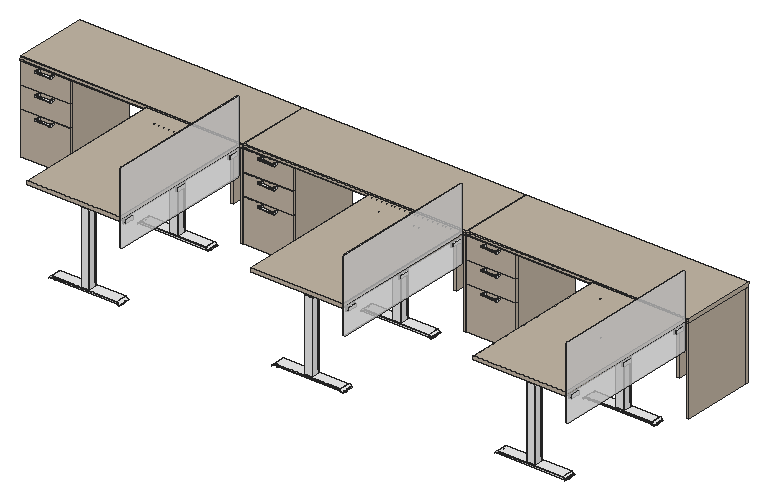
Revit family "JSI-Vision-Typical_Laminate-VST109", category Furniture, Revit 2020
Family settings
  OmniClass Number = 23.40.20.00
  OmniClass Title = General Furniture and Specialties
  Work Plane-Based = No
  Always vertical = Yes
  Cut with Voids When Loaded = No
  Shared = No
  Room Calculation Point = No
Parameters (values of type "VST109")
  URL = "www.jsifurniture.com"
  Type Comments = "Typical Laminate"  # constant formula
  Model = "VST109"
  Manufacturer = "JSI"  # constant formula
  Keynote = "12500"
  Default Elevation = 0"
  Assembly Code = "E2020200"
Reference planes (in)
  plane 1 "Center Front/Back": y = 0
  plane 2: z = 0
  plane 3 "Center Left/Right": x = 0
Dimensions and locks (in)
  aligned and locked: level to plane 2
Nested families (in)
  nested 1: "JSI-Vision-Adjustable_Table_Standard_Range" at (-0.75, -24.75, 0) x (0, -1, 0) z (0, 0, 1), type "VST3048AHTD-S - Adjustable Height Table Standard Range 48"W x 30"D x 30"H"
  nested 2: "JSI-Vision-Modular_Box_Box_File_Pedestal" at (-72, 0, 0), type "VST1624MBBF, Laminate Modular BBF Ped"
    with Ped Width 15.996", Ped Height 27.996", Ped Depth 24"
  nested 3: "JSI-Vision-Modular_Wing_End_Support" at (-16, 0, 0), type "VST1624WEAR, Wing End Sup - Right"
    with Pnl Pstn 15 1/8", L no, Depth 24"
  nested 4: "JSI-Vision-Credenza_Top" at (-72, 0, 28), type "VST2472MCT, Laminate Credenza Top, 24" x 72""
    with Height 0", Width 72", Depth 24"
  nested 5: "JSI-Vision-Adjustable_Table_Standard_Range" at (-72.8115, -24.75, 0) x (0, -1, 0) z (0, 0, 1), type "VST3048AHTD-S - Adjustable Height Table Standard Range 48"W x 30"D x 30"H"
  nested 6: "JSI-Vision-Modular_Box_Box_File_Pedestal" at (-144.0615, 0, 0), type "VST1624MBBF, Laminate Modular BBF Ped"
    with Ped Width 15.996", Ped Height 27.996", Ped Depth 24"
  nested 7: "JSI-Vision-Modular_Wing_End_Support" at (-88.0615, 0, 0), type "VST1624WEAR, Wing End Sup - Right"
    with Pnl Pstn 15 1/8", L no, Depth 24"
  nested 8: "JSI-Vision-Credenza_Top" at (-144.0615, 0, 28), type "VST2472MCT, Laminate Credenza Top, 24" x 72""
    with Height 0", Width 72", Depth 24"
  nested 9: "JSI-Vision-Adjustable_Table_Standard_Range" at (-144.93451, -24.75, 0) x (0, -1, 0) z (0, 0, 1), type "VST3048AHTD-S - Adjustable Height Table Standard Range 48"W x 30"D x 30"H"
  nested 10: "JSI-Vision-Modular_Box_Box_File_Pedestal" at (-216.18451, 0, 0), type "VST1624MBBF, Laminate Modular BBF Ped"
    with Ped Width 15.996", Ped Height 27.996", Ped Depth 24"
  nested 11: "JSI-Vision-Modular_Wing_End_Support" at (-160.18451, 0, 0), type "VST1624WEAR, Wing End Sup - Right"
    with Pnl Pstn 15 1/8", L no, Depth 24"
  nested 12: "JSI-Vision-Credenza_Top" at (-216.18451, 0, 28), type "VST2472MCT, Laminate Credenza Top, 24" x 72""
    with Height 0", Width 72", Depth 24"
  nested 13: "JSI-Vision-Lok_Frosted_Acrylic_Privacy_Screen" at (-144.93451, -24.75, -2) x (0, -1, 0) z (0, 0, 1), type "LK-PSP-4824A, Lok Frosted Acrylic Privacy Screen - 48w x 23 3/4h"
  nested 14: "JSI-Vision-Lok_Frosted_Acrylic_Privacy_Screen" at (-72.8115, -24.75, -2) x (0, -1, 0) z (0, 0, 1), type "LK-PSP-4824A, Lok Frosted Acrylic Privacy Screen - 48w x 23 3/4h"
  nested 15: "JSI-Vision-Lok_Frosted_Acrylic_Privacy_Screen" at (-0.75, -24.75, -2) x (0, -1, 0) z (0, 0, 1), type "LK-PSP-4824A, Lok Frosted Acrylic Privacy Screen - 48w x 23 3/4h"
Definition of nested family "JSI-Vision-Adjustable_Table_Standard_Range"
  Parameters (values of type "VST3048AHTD-S - Adjustable Height Table Standard Range 48"W x 30"D x 30"H")
    Width = 48"
    Upper Leg Finish = none
    URL = "www.jsifurniture.com"
    Type Comments = ""
    Top Finish = none
    Support Finish = none
    Series = "Vision Casegoods"  # constant formula
    Low Leg Finish = none
    Model = "VST3048AHTD-S"
    Material = ""
    Manufacturer = "JSI"  # constant formula
    Keynote = "12500"  # constant formula
    JSI Enviromental Website = "http://www.jsifurniture.com/jsi_sustainability_intro.php"
    Height = 29 3/16"
    Glide Finish = none
    Feet Finish = none
    Description = "Adjustable Height Table Desk Standard Range Laminate - 30”H x 30”D x 48”W"
    Depth = 30"
    Default Elevation = 0"
    Assembly Code = "E2020200"
    Adj Post Finish = none
  Types (6): name | Width | Model | Description
    VST3072AHTD-S - Adjustable Height Table Standard Range 72"W x 30"D x 30"H | 72" | "VST3072AHTD-S" | "Adjustable Height Table Desk Standard Range Laminate - 30”H x 30”D x 72”W"
    VSV3072AHTD-S - Adjustable Height Table Standard Range 72"W x 30"D x 30"H | 72" | "VSV3072AHTD-S" | "Adjustable Height Table Desk Standard Range Veneer - 30”H x 30”D x 72”W"
    VST3060AHTD-S - Adjustable Height Table Standard Range 60"W x 30"D x 30"H | 60" | "VST3060AHTD-S" | "Adjustable Height Table Desk Standard Range Laminate - 30”H x 30”D x 60”W"
    VSV3060AHTD-S - Adjustable Height Table Standard Range 60"W x 30"D x 30"H | 60" | "VSV3060AHTD-S" | "Adjustable Height Table Desk Standard Range Veneer - 30”H x 30”D x 60”W"
    VST3048AHTD-S - Adjustable Height Table Standard Range 48"W x 30"D x 30"H | 48" | "VST3048AHTD-S" | "Adjustable Height Table Desk Standard Range Laminate - 30”H x 30”D x 48”W"
    VSV3048AHTD-S - Adjustable Height Table Standard Range 48"W x 30"D x 30"H | 48" | "VSV3048AHTD-S" | "Adjustable Height Table Desk Standard Range Veneer - 30”H x 30”D x 48”W"
  Reference planes (in)
    plane 1 "Center Front/Back": y = 0
    plane 2: z = 0
    plane 3 "Center Left/Right": x = 0
    plane 4: z = 29.1875
    plane 5: z = 28
    plane 6: x = 48
    plane 7: y = -30
    plane 8: y = -15
  Forms (in)
    Extrusion 1, solid, material <- "Top Finish"
      sketch origin (0, 0, 0) x (0, 1, 0) y (0, 0, 1)
        loop
          arc (-29.88189, 29.1875) -> (-29.96256, 29.15006) -> (-30, 29.06939) r 0.12937
          line (-30, 29.06939) -> (-30, 28.11811)
          arc (-30, 28.11811) -> (-29.96256, 28.03744) -> (-29.88189, 28) r 0.12937
          line (-29.88189, 28) -> (-29.72106, 28) -> (-0.27894, 28) -> (-0.11811, 28)
          arc (-0.11811, 28) -> (-0.03744, 28.03744) -> (0, 28.11811) r 0.12937
          line (0, 28.11811) -> (0, 29.06939)
          arc (0, 29.06939) -> (-0.03744, 29.15006) -> (-0.11811, 29.1875) r 0.12937
          line (-0.11811, 29.1875) -> (-29.88189, 29.1875)
      from 0 to 48
  Lines and regions (in)
    symbolic lines
      curve 1: line (0, 0, 0) -> (48, 0, 0)
      curve 2: line (0, -30, 0) -> (0, 0, 0)
      curve 3: line (48, -30, 0) -> (0, -30, 0)
      curve 4: line (48, 0, 0) -> (48, -30, 0)
  Dimensions and locks (in)
    "Height": plane 4 to level
    locked: plane 4 to plane 5 at 1.1875
    "Width": plane 3 "Center Left/Right" to plane 6
    "Depth": plane 1 "Center Front/Back" to plane 7
    equal spacing: plane 1 "Center Front/Back", plane 8, plane 7
    aligned and locked: level to plane 2
    aligned and locked: plane 3 "Center Left/Right" to nested 1
    aligned and locked: nested 1 to plane 8
    aligned and locked: plane 4 to Extrusion 1 sketch curve
    aligned and locked: Extrusion 1 sketch curve to plane 5
    aligned and locked: Extrusion 1 sketch curve to plane 1 "Center Front/Back"
    aligned and locked: Extrusion 1 sketch curve to plane 7
    aligned and locked: Extrusion 1 to plane 3 "Center Left/Right"
    aligned and locked: Extrusion 1 to plane 6
    aligned and locked: plane 7 to curve 3
    aligned and locked: plane 1 "Center Front/Back" to curve 1
    aligned and locked: plane 3 "Center Left/Right" to curve 2
    aligned and locked: plane 6 to curve 4
  Automatic sketch dimensions
    plane 7 to Extrusion 1 sketch curve = 0.11811"  (x2)
    Extrusion 1 sketch curve to plane 5 = 0"  (x2)
    plane 7 to Extrusion 1 sketch curve = 33/256"  (x2)
    Extrusion 1 sketch curve to Extrusion 1 sketch curve = 0.16082"
    plane 1 "Center Front/Back" to Extrusion 1 sketch curve = 0.27894"
    plane 1 "Center Front/Back" to Extrusion 1 sketch curve = 33/256"  (x2)
    plane 1 "Center Front/Back" to Extrusion 1 sketch curve = 0.11811"  (x2)
    plane 5 to Extrusion 1 sketch curve = 0.11811"  (x2)
    Extrusion 1 sketch curve to plane 4 = 33/256"  (x2)
  Nested families (in)
    nested 1: "Adj Base" at (0, -15, 0), Height <- "Height", W Top <- "Width", Adj Post Finish <- "Adj Post Finish", Feet Finish <- "Feet Finish", Glide Finish <- "Glide Finish", Low Leg Finish <- "Low Leg Finish", Support Finish <- "Support Finish", Upper Leg Finish <- "Upper Leg Finish", type "Adj Base"
      with W Top 48", Upper Leg Finish none, Support Finish none, Low Leg Finish none, Height 29 3/16", Glide Finish none, Feet Finish none, Adj Post Finish none
  Definition of nested family "Adj Base"
    Parameters (values of type "Adj Base")
      W Top [instance] = 72"
      Upper Leg Finish [instance] = none
      Support Finish [instance] = none
      Low Leg Finish [instance] = none
      Height [instance] = 29 1/2"
      Glide Finish [instance] = none
      Feet Finish [instance] = none
      Default Elevation = 0"
      Adj Post Finish [instance] = none
    Reference planes (in)
      plane 1 "Center (Front/Back)": y = 0
      plane 2: z = 0
      plane 3 "Center (Left/Right)": x = 0
      plane 4: z = 29.5
      plane 5: x = 72
      plane 6: z = 28.3125
      plane 7: x = 6.09647
      plane 8: x = 65.90353
    Forms (in)
      Extrusion 1, solid, material <- "Support Finish"
        sketch origin (1.67343, 0, 0) x (-1, 0, 0) y (0, 0, 1)
          loop
            line (-2.26388, 26.15894) -> (-2.26388, 28.00935) -> (-10.9253, 28.00935) -> (-10.9253, 27.73435) -> (-10.3632, 27.73435) -> (-9.86301, 26.15894) -> (-2.26388, 26.15894)
          loop
            line (-66.38926, 26.15894) -> (-58.79012, 26.15894) -> (-58.28994, 27.73435) -> (-57.72784, 27.73435) -> (-57.72784, 28.00935) -> (-66.38926, 28.00935) -> (-66.38926, 26.15894)
        from -1.89028 to 1.90897
      Extrusion 2, solid, material <- "Support Finish"
        sketch origin (8.68126, 0, 0) x (0, 1, 0) y (0, 0, 1)
          loop
            arc (2.60827, 26.81644) -> (2.67785, 26.84526) -> (2.70667, 26.91484) r 0.0984
            line (2.70667, 26.91484) -> (2.70667, 28.09931)
            arc (2.70667, 28.09931) -> (2.67882, 28.16654) -> (2.61158, 28.19439) r 0.09508
            line (2.61158, 28.19439) -> (2.01307, 28.19439)
            arc (2.01307, 28.19439) -> (1.94678, 28.16693) -> (1.91932, 28.10064) r 0.09375
            line (1.91932, 28.10064) -> (1.91932, 26.91484)
            arc (1.91932, 26.91484) -> (1.94814, 26.84526) -> (2.01772, 26.81644) r 0.0984
            line (2.01772, 26.81644) -> (2.60827, 26.81644)
          loop
            line (-2.60827, 26.81644) -> (-2.01772, 26.81644)
            arc (-2.01772, 26.81644) -> (-1.94814, 26.84526) -> (-1.91932, 26.91484) r 0.0984
            line (-1.91932, 26.91484) -> (-1.91932, 28.10064)
            arc (-1.91932, 28.10064) -> (-1.94678, 28.16693) -> (-2.01307, 28.19439) r 0.09375
            line (-2.01307, 28.19439) -> (-2.61158, 28.19439)
            arc (-2.61158, 28.19439) -> (-2.67882, 28.16654) -> (-2.70667, 28.09931) r 0.09508
            line (-2.70667, 28.09931) -> (-2.70667, 26.91484)
            arc (-2.70667, 26.91484) -> (-2.67785, 26.84526) -> (-2.60827, 26.81644) r 0.0984
        from -5.06315 to 15.07466
      Extrusion 3, solid, material <- "Support Finish"
        sketch origin (1.70596, 0, 0) x (0, 1, 0) y (0, 0, 1)
          loop
            arc (2.50984, 27.32825) -> (2.59335, 27.36284) -> (2.62794, 27.44635) r 0.1181
            line (2.62794, 27.44635) -> (2.62794, 27.99755)
            arc (2.62794, 27.99755) -> (2.59335, 28.08106) -> (2.50984, 28.11565) r 0.1181
            line (2.50984, 28.11565) -> (2.15551, 28.11565)
            arc (2.15551, 28.11565) -> (2.072, 28.08106) -> (2.03741, 27.99755) r 0.1181
            line (2.03741, 27.99755) -> (2.03741, 27.44635)
            arc (2.03741, 27.44635) -> (2.072, 27.36284) -> (2.15551, 27.32825) r 0.1181
            line (2.15551, 27.32825) -> (2.50984, 27.32825)
          loop
            arc (-2.15551, 27.32825) -> (-2.072, 27.36284) -> (-2.03741, 27.44635) r 0.1181
            line (-2.03741, 27.44635) -> (-2.03741, 27.99755)
            arc (-2.03741, 27.99755) -> (-2.072, 28.08106) -> (-2.15551, 28.11565) r 0.1181
            line (-2.15551, 28.11565) -> (-2.50984, 28.11565)
            arc (-2.50984, 28.11565) -> (-2.59335, 28.08106) -> (-2.62794, 27.99755) r 0.1181
            line (-2.62794, 27.99755) -> (-2.62794, 27.44635)
            arc (-2.62794, 27.44635) -> (-2.59335, 27.36284) -> (-2.50984, 27.32825) r 0.1181
            line (-2.50984, 27.32825) -> (-2.15551, 27.32825)
        from 16.18381 to 52.40428
      Extrusion 4, solid, material <- "Feet Finish"
        sketch origin (3.34686, 0, 0) x (0, 1, 0) y (0, 0, 1)
          loop
            line (10.52318, 1.16069) -> (-10.52318, 1.16069)
            arc (-10.52318, 1.16069) -> (-10.60868, 1.14561) -> (-10.68388, 1.1022) r 0.25
            line (-10.68388, 1.1022) -> (-11.48879, 0.4268) -> (-11.40022, 0.32124) -> (-10.59879, 0.99371)
            arc (-10.59879, 0.99371) -> (-10.56128, 1.01537) -> (-10.51862, 1.02289) r 0.12472
            line (-10.51862, 1.02289) -> (10.51852, 1.02289)
            arc (10.51852, 1.02289) -> (10.56128, 1.01536) -> (10.59887, 0.99365) r 0.125
            line (10.59887, 0.99365) -> (11.40022, 0.32124) -> (11.48879, 0.4268) -> (10.68388, 1.1022)
            arc (10.68388, 1.1022) -> (10.60869, 1.14561) -> (10.52318, 1.16069) r 0.25
        from 0.93859 to 4.56063
      Extrusion 5, solid, material <- "Feet Finish"
        sketch origin (3.34686, 0, 0) x (0, 1, 0) y (0, 0, 1)
          loop
            line (-11.14173, 0.39297) -> (11.14173, 0.39297) -> (11.14173, 0.53813) -> (10.59887, 0.99365)
            arc (10.59887, 0.99365) -> (10.56128, 1.01535) -> (10.51852, 1.02289) r 0.125
            line (10.51852, 1.02289) -> (-10.51862, 1.02289)
            arc (-10.51862, 1.02289) -> (-10.56128, 1.01537) -> (-10.59879, 0.99371) r 0.12472
            line (-10.59879, 0.99371) -> (-11.14173, 0.53813) -> (-11.14173, 0.39297)
        from 1.19449 to 4.30473
      Extrusion 6, solid, material <- "Feet Finish"
        sketch origin (12.34686, 0, 0) x (0, 1, 0) y (0, 0, 1)
          loop
            line (10.52318, 1.16069) -> (-10.52318, 1.16069)
            arc (-10.52318, 1.16069) -> (-10.60868, 1.14561) -> (-10.68388, 1.1022) r 0.25
            line (-10.68388, 1.1022) -> (-11.48879, 0.4268) -> (-11.40022, 0.32124) -> (-10.59879, 0.99371)
            arc (-10.59879, 0.99371) -> (-10.56128, 1.01537) -> (-10.51862, 1.02289) r 0.12472
            line (-10.51862, 1.02289) -> (10.51852, 1.02289)
            arc (10.51852, 1.02289) -> (10.56128, 1.01536) -> (10.59887, 0.99365) r 0.125
            line (10.59887, 0.99365) -> (11.40022, 0.32124) -> (11.48879, 0.4268) -> (10.68388, 1.1022)
            arc (10.68388, 1.1022) -> (10.60869, 1.14561) -> (10.52318, 1.16069) r 0.25
        from 51.74564 to 55.473
      Extrusion 7, solid, material <- "Low Leg Finish"
        sketch origin (0, 0, 0) x (1, 0, 0) y (0, 1, 0)
          loop
            line (4.73819, 1.25984) -> (4.73819, -1.25984)
            arc (4.73819, -1.25984) -> (4.76702, -1.32944) -> (4.83661, -1.35827) r 0.09843
            line (4.83661, -1.35827) -> (7.3563, -1.35827)
            arc (7.3563, -1.35827) -> (7.4259, -1.32944) -> (7.45472, -1.25984) r 0.09843
            line (7.45472, -1.25984) -> (7.45472, 1.25984)
            arc (7.45472, 1.25984) -> (7.4259, 1.32944) -> (7.3563, 1.35827) r 0.09843
            line (7.3563, 1.35827) -> (4.83661, 1.35827)
            arc (4.83661, 1.35827) -> (4.76702, 1.32944) -> (4.73819, 1.25984) r 0.09843
          loop
            arc (67.26181, 1.25984) -> (67.23298, 1.32944) -> (67.16339, 1.35827) r 0.09843
            line (67.16339, 1.35827) -> (64.6437, 1.35827)
            arc (64.6437, 1.35827) -> (64.5741, 1.32944) -> (64.54528, 1.25984) r 0.09843
            line (64.54528, 1.25984) -> (64.54528, -1.25984)
            arc (64.54528, -1.25984) -> (64.5741, -1.32944) -> (64.6437, -1.35827) r 0.09843
            line (64.6437, -1.35827) -> (67.16339, -1.35827)
            arc (67.16339, -1.35827) -> (67.23298, -1.32944) -> (67.26181, -1.25984) r 0.09843
            line (67.26181, -1.25984) -> (67.26181, 1.25984)
        from 1.16069 to 24.23031
      Extrusion 8, solid, material <- "Upper Leg Finish"
        sketch origin (0, 0, 0) x (1, 0, 0) y (0, 1, 0)
          loop
            line (7.16929, 1.17126) -> (5.02362, 1.17126)
            arc (5.02362, 1.17126) -> (4.95402, 1.14243) -> (4.9252, 1.07283) r 0.09843
            line (4.9252, 1.07283) -> (4.9252, -1.07283)
            arc (4.9252, -1.07283) -> (4.95402, -1.14243) -> (5.02362, -1.17126) r 0.09843
            line (5.02362, -1.17126) -> (7.16929, -1.17126)
            arc (7.16929, -1.17126) -> (7.23889, -1.14243) -> (7.26772, -1.07283) r 0.09843
            line (7.26772, -1.07283) -> (7.26772, 1.07283)
            arc (7.26772, 1.07283) -> (7.23889, 1.14243) -> (7.16929, 1.17126) r 0.09843
          loop
            arc (64.83071, 1.17126) -> (64.76111, 1.14243) -> (64.73228, 1.07283) r 0.09843
            line (64.73228, 1.07283) -> (64.73228, -1.07283)
            arc (64.73228, -1.07283) -> (64.76111, -1.14243) -> (64.83071, -1.17126) r 0.09843
            line (64.83071, -1.17126) -> (67.04524, -1.17126)
            arc (67.04524, -1.17126) -> (67.09765, -1.14955) -> (67.11936, -1.09714) r 0.07412
            line (67.11936, -1.09714) -> (67.11936, 1.02828)
            arc (67.11936, 1.02828) -> (67.07748, 1.12938) -> (66.97638, 1.17126) r 0.14298
            line (66.97638, 1.17126) -> (64.83071, 1.17126)
        from 2.77313 to 26.15894
      Extrusion 9, solid, material <- "Support Finish"
        sketch origin (0, 0, 0) x (1, 0, 0) y (0, 0, 1)
          loop
            line (3.5, 26.14715) -> (3.61811, 26.14715) -> (3.61811, 28.15745)
            arc (3.61811, 28.15745) -> (3.62893, 28.18357) -> (3.65505, 28.19439) r 0.03694
            line (3.65505, 28.19439) -> (5.0748, 28.19439) -> (5.0748, 28.3125) -> (3.65534, 28.3125)
            arc (3.65534, 28.3125) -> (3.5455, 28.267) -> (3.5, 28.15716) r 0.15534
            line (3.5, 28.15716) -> (3.5, 26.14715)
          loop
            line (68.5, 26.14715) -> (68.5, 28.15716)
            arc (68.5, 28.15716) -> (68.4545, 28.267) -> (68.34466, 28.3125) r 0.15534
            line (68.34466, 28.3125) -> (66.9252, 28.3125) -> (66.9252, 28.19439) -> (68.34495, 28.19439)
            arc (68.34495, 28.19439) -> (68.37107, 28.18357) -> (68.38189, 28.15745) r 0.03694
            line (68.38189, 28.15745) -> (68.38189, 26.14715) -> (68.5, 26.14715)
        from -10.14567 to 10.14567
      Extrusion 10, void
        sketch origin (0, 0, 0) x (0, 1, 0) y (0, 0, 1)
          loop
            line (-9.64567, 28.65728) -> (-10.14567, 28.65728) -> (-10.14567, 25.65728) -> (10.14567, 25.65728) -> (10.14567, 28.65728) -> (9.64567, 28.65728) -> (9.64567, 27.93724)
            arc (9.64567, 27.93724) -> (9.53149, 27.61921) -> (9.2411, 27.44643) r 0.5
            line (9.2411, 27.44643) -> (2.76152, 26.18651)
            arc (2.76152, 26.18651) -> (2.61903, 26.16585) -> (2.47521, 26.15894) r 1.5
            line (2.47521, 26.15894) -> (-2.47521, 26.15894)
            arc (-2.47521, 26.15894) -> (-2.61903, 26.16585) -> (-2.76152, 26.18651) r 1.5
            line (-2.76152, 26.18651) -> (-9.2411, 27.44643)
            arc (-9.2411, 27.44643) -> (-9.53149, 27.61921) -> (-9.64567, 27.93724) r 0.5
            line (-9.64567, 27.93724) -> (-9.64567, 28.65728)
        from 1.99619 to 70.00235
      Extrusion 11, solid, material <- "Support Finish"
        sketch origin (60.8427, 0, 0) x (0, 1, 0) y (0, 0, -1)
          loop
            line (-2.01772, -26.81644) -> (-2.61292, -26.81644)
            arc (-2.61292, -26.81644) -> (-2.67921, -26.8439) -> (-2.70667, -26.91019) r 0.09375
            line (-2.70667, -26.91019) -> (-2.70667, -28.10064)
            arc (-2.70667, -28.10064) -> (-2.67921, -28.16693) -> (-2.61292, -28.19439) r 0.09375
            line (-2.61292, -28.19439) -> (-2.0144, -28.19439)
            arc (-2.0144, -28.19439) -> (-1.94717, -28.16654) -> (-1.91932, -28.09931) r 0.09508
            line (-1.91932, -28.09931) -> (-1.91932, -26.91484)
            arc (-1.91932, -26.91484) -> (-1.94814, -26.84526) -> (-2.01772, -26.81644) r 0.0984
          loop
            line (2.60827, -26.81644) -> (2.0132, -26.81644)
            arc (2.0132, -26.81644) -> (1.94682, -26.84394) -> (1.91932, -26.91032) r 0.09389
            line (1.91932, -26.91032) -> (1.91932, -28.09931)
            arc (1.91932, -28.09931) -> (1.94717, -28.16654) -> (2.0144, -28.19439) r 0.09508
            line (2.0144, -28.19439) -> (2.61292, -28.19439)
            arc (2.61292, -28.19439) -> (2.67921, -28.16693) -> (2.70667, -28.10064) r 0.09375
            line (2.70667, -28.10064) -> (2.70667, -26.91484)
            arc (2.70667, -26.91484) -> (2.67785, -26.84526) -> (2.60827, -26.81644) r 0.0984
        from -7.53919 to 12.59862
      Revolve 12, solid, material <- "Glide Finish"
        sketch origin (0, -10.27559, 0) x (1, 0, 0) y (0, 0, 1)
          loop
            line (6.09647, 0.94489) -> (5.93882, 0.94489) -> (5.93882, 0.39297) -> (5.30863, 0.39297) -> (5.11222, 0.19657) -> (5.11222, 0) -> (6.09647, 0) -> (6.09647, 0.94489)
          axis (6.09647, 0.94489) -> (6.09647, 0)
        angle from 0 to 360
      Revolve 13, solid, material <- "Glide Finish"
        sketch origin (0, 10.27547, 0) x (1, 0, 0) y (0, 0, 1)
          loop
            line (6.09647, 0.94489) -> (5.93882, 0.94489) -> (5.93882, 0.39297) -> (5.30863, 0.39297) -> (5.11222, 0.19657) -> (5.11222, 0) -> (6.09647, 0) -> (6.09647, 0.94489)
          axis (6.09647, 0.94489) -> (6.09647, 0)
        angle from 0 to 360
      Revolve 14, solid, material <- "Glide Finish"
        sketch origin (59.80705, -10.27559, 0) x (1, 0, 0) y (0, 0, 1)
          loop
            line (6.09647, 0.94489) -> (5.93882, 0.94489) -> (5.93882, 0.39297) -> (5.30863, 0.39297) -> (5.11222, 0.19657) -> (5.11222, 0) -> (6.09647, 0) -> (6.09647, 0.94489)
          axis (6.09647, 0.94489) -> (6.09647, 0)
        angle from 0 to 360
      Revolve 15, solid, material <- "Glide Finish"
        sketch origin (59.80705, 10.27547, 0) x (1, 0, 0) y (0, 0, 1)
          loop
            line (6.09647, 0.94489) -> (5.93882, 0.94489) -> (5.93882, 0.39297) -> (5.30863, 0.39297) -> (5.11222, 0.19657) -> (5.11222, 0) -> (6.09647, 0) -> (6.09647, 0.94489)
          axis (6.09647, 0.94489) -> (6.09647, 0)
        angle from 0 to 360
      Extrusion 16, solid, material <- "Feet Finish"
        sketch origin (63.15392, 0, 0) x (0, 1, 0) y (0, 0, 1)
          loop
            line (-11.14173, 0.39297) -> (11.14173, 0.39297) -> (11.14173, 0.53813) -> (10.59887, 0.99365)
            arc (10.59887, 0.99365) -> (10.56128, 1.01535) -> (10.51852, 1.02289) r 0.125
            line (10.51852, 1.02289) -> (-10.51862, 1.02289)
            arc (-10.51862, 1.02289) -> (-10.56128, 1.01537) -> (-10.59879, 0.99371) r 0.12472
            line (-10.59879, 0.99371) -> (-11.14173, 0.53813) -> (-11.14173, 0.39297)
        from 1.19449 to 4.30473
    Cuts and joins
      Extrusion 10 cuts Extrusion 9
    Lines and regions (in)
      symbolic lines
        curve 1: line (7.9075, 11.48879, 0) -> (4.28545, 11.48879, 0)
        curve 2: line (7.9075, -11.48879, 0) -> (7.9075, 11.48879, 0)
        curve 3: line (4.28545, -11.48879, 0) -> (7.9075, -11.48879, 0)
        curve 4: line (4.28545, 11.48879, 0) -> (4.28545, 9.64567, 0)
        curve 5: line (67.81987, 11.48879, 0) -> (64.0925, 11.48879, 0)
        curve 6: line (67.81987, 9.64567, 0) -> (67.81987, 11.48879, 0)
        curve 7: line (64.0925, -11.48879, 0) -> (67.81987, -11.48879, 0)
        curve 8: line (64.0925, 11.48879, 0) -> (64.0925, -11.48879, 0)
        curve 9: line (3.5, 9.64567, 0) -> (5.0748, 9.64567, 0)
        curve 10: line (3.5, -9.64567, 0) -> (3.5, 9.64567, 0)
        curve 11: line (5.0748, -9.64567, 0) -> (3.5, -9.64567, 0)
        curve 12: line (5.0748, 9.64567, 0) -> (5.0748, -9.64567, 0)
        curve 13: line (68.5, 9.64567, 0) -> (66.9252, 9.64567, 0)
        curve 14: line (68.5, -9.64567, 0) -> (68.5, 9.64567, 0)
        curve 15: line (66.9252, -9.64567, 0) -> (68.5, -9.64567, 0)
        curve 16: line (66.9252, 9.64567, 0) -> (66.9252, -9.64567, 0)
        curve 17: line (66.9252, 2.70667, 0) -> (48.24408, 2.70667, 0)
        curve 18: line (48.24408, 2.70667, 0) -> (48.24408, 1.91932, 0)
        curve 19: line (48.24408, 1.91932, 0) -> (66.9252, 1.91932, 0)
        curve 20: line (66.9252, -1.92113, 0) -> (48.24408, -1.91932, 0)
        curve 21: line (48.24408, -1.91932, 0) -> (48.24408, -2.70667, 0)
        curve 22: line (48.24408, -2.70667, 0) -> (66.9252, -2.70667, 0)
        curve 23: line (23.75592, 2.70667, 0) -> (23.75592, 1.91932, 0)
        curve 24: line (23.75592, 1.91932, 0) -> (5.0748, 1.91932, 0)
        curve 25: line (23.75592, 2.70667, 0) -> (5.0748, 2.70667, 0)
        curve 26: line (23.75592, -1.91932, 0) -> (5.0748, -1.91932, 0)
        curve 27: line (23.75592, -2.70667, 0) -> (5.0748, -2.70667, 0)
        curve 28: line (23.75592, -1.91932, 0) -> (23.75592, -2.70667, 0)
        curve 29: line (4.28545, -11.48879, 0) -> (4.28545, -9.64567, 0)
        curve 30: line (67.81987, -11.48879, 0) -> (67.81987, -9.64567, 0)
        curve 31: line (23.75592, 2.62798, 0) -> (48.24408, 2.62798, 0)
        curve 32: line (23.75592, 2.03782, 0) -> (48.24408, 2.03782, 0)
        curve 33: line (23.75592, -2.03689, 0) -> (48.24408, -2.03689, 0)
        curve 34: line (23.75592, -2.6279, 0) -> (48.24408, -2.6279, 0)
    Dimensions and locks (in)
      "Height": plane 2 to plane 4
      Extrusion 1 sketch curve to Extrusion 1 sketch curve to Extrusion 1 sketch curve to plane 4 = 1.57541" locked, 0.275", 1.49065"
      Extrusion 4 sketch curve to Extrusion 4 sketch curve to Extrusion 4 sketch curve to Extrusion 4 sketch curve to plane 1 "Center (Front/Back)" to Extrusion 4 sketch curve to Extrusion 4 sketch curve to Extrusion 4 sketch curve to Extrusion 4 sketch curve = 0.08857" locked, 0.87704" locked, 0.00456" locked, 10.51862" locked, 10.51852" locked, 0.00466" locked, 0.87704" locked, 0.08857" locked
      plane 2 to Extrusion 4 sketch curve to Extrusion 4 sketch curve to Extrusion 4 sketch curve to Extrusion 4 sketch curve to Extrusion 4 sketch curve to Extrusion 4 sketch curve = 0.32124" locked, 0.10556" locked, 0.4711" locked, 0.0128" locked, 0.1122" locked, 0.1378" locked
      Extrusion 4 to Extrusion 5 to plane 7 to Extrusion 5 to Extrusion 4 to plane 3 "Center (Left/Right)" = 0.25591" locked, 1.55512" locked, 1.55512" locked, 0.25591" locked, 4.28545" locked
      plane 2 to Extrusion 5 sketch curve to Extrusion 5 sketch curve = 0.39297" locked, 0.62992" locked
      Extrusion 5 sketch curve to plane 1 "Center (Front/Back)" to Extrusion 5 sketch curve = 11.14173" locked, 11.14173" locked
      Extrusion 6 sketch curve to Extrusion 6 sketch curve to Extrusion 6 sketch curve to Extrusion 6 sketch curve to Extrusion 6 sketch curve to Extrusion 6 sketch curve to Extrusion 6 sketch curve to Extrusion 6 sketch curve = 0.08857" locked, 0.87704" locked, 0.00456" locked, 21.03715", 0.00466" locked, 0.87704" locked, 0.08857" locked
      Extrusion 6 sketch curve to Extrusion 6 sketch curve to Extrusion 6 sketch curve to Extrusion 6 sketch curve to Extrusion 6 sketch curve to Extrusion 6 sketch curve = 0.10556" locked, 0.4711" locked, 0.0128" locked, 0.1122" locked, 0.1378" locked
      plane 5 to Extrusion 6 to Extrusion 16 to plane 8 to Extrusion 16 to Extrusion 6 = 4.18013" locked, 0.36123" locked, 1.55512" locked, 1.55512" locked, 0.25591" locked
      Extrusion 7 sketch curve to plane 1 "Center (Front/Back)" to Extrusion 7 sketch curve = 1.25984" locked, 1.25984" locked  (x2)
      Extrusion 7 sketch curve to Extrusion 7 sketch curve to plane 3 "Center (Left/Right)" = 2.51969" locked, 4.83661" locked
      Extrusion 7 sketch curve to Extrusion 7 sketch curve to plane 5 = 2.51969" locked, 4.83661" locked
      locked: Extrusion 7 to plane 2 at 24.23031
      Extrusion 8 sketch curve to Extrusion 8 sketch curve to plane 5 = 2.14567" locked, 5.02362" locked
      Extrusion 8 sketch curve to Extrusion 8 sketch curve to plane 3 "Center (Left/Right)" = 2.14567" locked, 5.02362" locked
      Extrusion 8 sketch curve to plane 1 "Center (Front/Back)" to Extrusion 8 sketch curve = 1.07283" locked, 1.07283" locked
      Extrusion 1 sketch curve to Extrusion 1 sketch curve to Extrusion 1 sketch curve to plane 4 = 1.57541" locked, 0.275" locked, 1.49065" locked
      Extrusion 1 sketch curve to Extrusion 1 sketch curve to Extrusion 1 sketch curve to Extrusion 1 sketch curve to plane 3 "Center (Left/Right)" = 0.5621" locked, 0.50019" locked, 7.59913" locked, 3.93731" locked
      plane 5 to Extrusion 1 sketch curve to Extrusion 1 sketch curve to Extrusion 1 sketch curve = 3.93731" locked, 7.59913" locked, 1.06228" locked
      Extrusion 2 sketch curve to Extrusion 2 sketch curve to Extrusion 2 sketch curve to Extrusion 2 sketch curve to plane 1 "Center (Front/Back)" to Extrusion 2 sketch curve to Extrusion 2 sketch curve to Extrusion 2 sketch curve to Extrusion 2 sketch curve = 0.09508" locked, 0.59852" locked, 3/32" locked, 1.91932" locked, 1.91932" locked, 3/32" locked, 0.59852" locked, 0.09508" locked
      locked: plane 4 to plane 6 at 1.1875
      Extrusion 8 to Extrusion 8 to plane 6 = 23.38581" locked, 2.15356" locked
      Extrusion 3 sketch curve to Extrusion 3 sketch curve to Extrusion 3 sketch curve to Extrusion 3 sketch curve to plane 1 "Center (Front/Back)" to Extrusion 3 sketch curve to Extrusion 3 sketch curve to Extrusion 3 sketch curve to Extrusion 3 sketch curve = 0.1181" locked, 0.35433" locked, 0.1181" locked, 2.03741" locked, 2.03741" locked, 0.1181" locked, 0.35433" locked, 0.1181" locked
      plane 6 to Extrusion 3 sketch curve to Extrusion 3 sketch curve to Extrusion 3 sketch curve to Extrusion 3 sketch curve = 0.19685" locked, 0.1181" locked, 0.5512" locked, 0.1181" locked
      Extrusion 9 sketch curve to Extrusion 9 sketch curve to Extrusion 9 sketch curve to Extrusion 9 sketch curve to plane 3 "Center (Left/Right)" = 1.41947" locked, 0.03723" locked, 0.11811" locked, 3 1/2" locked
      Extrusion 9 sketch curve to Extrusion 9 sketch curve to Extrusion 9 sketch curve to Extrusion 9 sketch curve to plane 5 = 1.41947" locked, 0.03723" locked, 0.11811" locked, 3 1/2" locked
      plane 6 to Extrusion 9 sketch curve to Extrusion 9 sketch curve to Extrusion 9 sketch curve = 0.11811" locked, 0.03723" locked, 2.01002" locked
      locked: plane 5 to Extrusion 10 at 1.99765
      locked: plane 3 "Center (Left/Right)" to Extrusion 10 at 1.99619
      Extrusion 10 sketch curve to plane 6 to Extrusion 10 sketch curve to Extrusion 10 sketch curve to Extrusion 10 sketch curve to Extrusion 10 sketch curve = 0.34478" locked, 0.37526" locked, 0.2783" locked, 1 1/2" locked, 0.50165" locked
      Extrusion 10 sketch curve to Extrusion 10 sketch curve to Extrusion 10 sketch curve to Extrusion 10 sketch curve to plane 1 "Center (Front/Back)" to Extrusion 10 sketch curve to Extrusion 10 sketch curve to Extrusion 10 sketch curve to Extrusion 10 sketch curve = 1/2" locked, 1/2" locked, 6.67046" locked, 2.47521" locked, 2.47521" locked, 6.67046" locked, 1/2" locked, 1/2" locked
      Extrusion 11 sketch curve to Extrusion 11 sketch curve to Extrusion 11 sketch curve to Extrusion 11 sketch curve to Extrusion 11 sketch curve to Extrusion 11 sketch curve to Extrusion 11 sketch curve to Extrusion 11 sketch curve = 3/32" locked, 0.59852" locked, 0.09508" locked, 3.83863" locked, 0.09508" locked, 0.59852" locked, 3/32" locked
      Extrusion 11 to Extrusion 3 to plane 5 = 5.86615" locked, 17.88976" locked
      Extrusion 2 to Extrusion 3 to plane 3 "Center (Left/Right)" = 5.86615" locked, 17.88976" locked
      Revolve 12 sketch curve to Revolve 12 sketch curve to Revolve 12 sketch curve to plane 7 = 0.1964" locked, 0.63019" locked, 0.15765" locked
      Revolve 13 sketch curve to Revolve 13 sketch curve to Revolve 13 sketch curve = 0.1964" locked, 0.63019" locked
      Revolve 13 to plane 1 "Center (Front/Back)" to Revolve 12 = 10.27547" locked, 10.27559" locked
      Revolve 14 sketch curve to Revolve 14 sketch curve to Revolve 14 sketch curve to plane 8 = 0.1964" locked, 0.63019" locked, 0.15765" locked
      Revolve 15 sketch curve to Revolve 15 sketch curve to Revolve 15 sketch curve = 0.1964" locked, 0.63019" locked
      Revolve 15 to Revolve 14 = 20.55106"
      Revolve 14 to plane 1 "Center (Front/Back)" to Revolve 15 = 10.27559" locked, 10.27547" locked
      locked: Extrusion 16 sketch curve to Extrusion 16 sketch curve at 0.62992
      Extrusion 16 sketch curve to plane 1 "Center (Front/Back)" to Extrusion 16 sketch curve = 11.14173" locked, 11.14173" locked
      "W Top": plane 3 "Center (Left/Right)" to plane 5
      locked: plane 3 "Center (Left/Right)" to plane 7 at 6.09647
      locked: plane 8 to plane 5 at 6.09647
      aligned and locked: plane 2 to level
      aligned and locked: Extrusion 7 to Extrusion 4
      aligned and locked: Extrusion 8 to Extrusion 1
      aligned and locked: Extrusion 3 sketch curve to Extrusion 3 sketch curve  (x2)
      aligned and locked: Extrusion 9 sketch curve to plane 6  (x2)
      aligned and locked: Extrusion 9 sketch curve to Extrusion 9 sketch curve  (x2)
      aligned and locked: Extrusion 2 to cut or joined group of Extrusion 9, Extrusion 10
      aligned and locked: Extrusion 10 sketch curve to Extrusion 10 sketch curve
      aligned and locked: Extrusion 11 to cut or joined group of Extrusion 9, Extrusion 10
      aligned and locked: plane 7 to Revolve 12 sketch curve
      aligned and locked: plane 8 to Revolve 14 sketch curve
      aligned and locked: curve 1 to Extrusion 4
      aligned and locked: curve 2 to Extrusion 4
      aligned and locked: curve 3 to Extrusion 4
      aligned and locked: curve 4 to Extrusion 4
      aligned and locked: curve 5 to Extrusion 6
      aligned and locked: Extrusion 6 to curve 6
      aligned and locked: curve 7 to Extrusion 6
      aligned and locked: curve 8 to Extrusion 6
      aligned and locked: curve 9 to cut or joined group of Extrusion 9, Extrusion 10
      aligned and locked: curve 10 to cut or joined group of Extrusion 9, Extrusion 10
      aligned and locked: cut or joined group of Extrusion 9, Extrusion 10 to curve 11
      aligned and locked: curve 12 to cut or joined group of Extrusion 9, Extrusion 10
      aligned and locked: curve 13 to cut or joined group of Extrusion 9, Extrusion 10
      aligned and locked: curve 14 to cut or joined group of Extrusion 9, Extrusion 10
      aligned and locked: curve 15 to cut or joined group of Extrusion 9, Extrusion 10
      aligned and locked: curve 16 to cut or joined group of Extrusion 9, Extrusion 10
      aligned and locked: Extrusion 2 to curve 31
      aligned and locked: Extrusion 2 to curve 32
      aligned and locked: Extrusion 11 to curve 31
      aligned and locked: Extrusion 11 to curve 32
      aligned and locked: Extrusion 2 to curve 33
      aligned and locked: Extrusion 2 to curve 34
      aligned and locked: Extrusion 11 to curve 33
      aligned and locked: Extrusion 11 to curve 34
    Automatic sketch dimensions
      Extrusion 3 sketch curve to Extrusion 3 sketch curve = 0.1181"  (x3)
      level to Extrusion 4 sketch curve = 1.1022"  (x2)
      Extrusion 4 sketch curve to Extrusion 4 sketch curve = 0.1607"  (x2)
      level to Extrusion 4 sketch curve = 0.99371"
      Extrusion 4 sketch curve to Extrusion 4 sketch curve = 0.07561"
      Extrusion 4 sketch curve to Extrusion 4 sketch curve = 0.08017"
      level to Extrusion 4 sketch curve = 0.99365"
      Extrusion 4 sketch curve to Extrusion 4 sketch curve = 0.09554"
      Extrusion 4 sketch curve to Extrusion 4 sketch curve = 0.01252"
      level to Extrusion 6 sketch curve = 0.4268"
      plane 1 "Center (Front/Back)" to Extrusion 6 sketch curve = 11.48879"
      level to Extrusion 6 sketch curve = 1.1022"  (x2)
      Extrusion 6 sketch curve to Extrusion 6 sketch curve = 0.1607"  (x2)
      level to Extrusion 6 sketch curve = 0.99371"
      Extrusion 6 sketch curve to Extrusion 6 sketch curve = 0.08017"
      level to Extrusion 6 sketch curve = 0.99365"
      Extrusion 6 sketch curve to Extrusion 6 sketch curve = 0.08035"
      level to Extrusion 16 sketch curve = 0.89789"
      level to Extrusion 16 sketch curve = 0.99365"
      Extrusion 16 sketch curve to Extrusion 16 sketch curve = 0.08035"
      Extrusion 16 sketch curve to Extrusion 16 sketch curve = 0.62321"
      Extrusion 16 sketch curve to Extrusion 16 sketch curve = 0.54294"
      Extrusion 16 sketch curve to Extrusion 16 sketch curve = 0.08017"
      Extrusion 16 sketch curve to Extrusion 16 sketch curve = 0.14516"  (x2)
      Extrusion 16 sketch curve to Extrusion 16 sketch curve = 0.12472"
      Extrusion 1 sketch curve to Extrusion 1 sketch curve = 0.5621"
      Extrusion 2 sketch curve to Extrusion 2 sketch curve = 0.0984"  (x4)
      Extrusion 2 sketch curve to plane 6 = 1.49606"  (x2)
      Extrusion 2 sketch curve to plane 6 = 0.21319"  (x2)
      level to Extrusion 5 sketch curve = 0.99371"
      Extrusion 5 sketch curve to Extrusion 5 sketch curve = 0.54294"
      Extrusion 5 sketch curve to Extrusion 5 sketch curve = 0.08017"
      Extrusion 5 sketch curve to Extrusion 5 sketch curve = 0.62321"
      level to Extrusion 5 sketch curve = 0.99365"
      Extrusion 5 sketch curve to Extrusion 5 sketch curve = 0.08035"
      Extrusion 5 sketch curve to Extrusion 5 sketch curve = 0.14516"  (x2)
      plane 7 to Extrusion 7 sketch curve = 1.25986"
      Extrusion 7 sketch curve to Extrusion 7 sketch curve = 0.09843"  (x4)
      Extrusion 7 sketch curve to plane 7 = 1.25982"
      plane 8 to Extrusion 7 sketch curve = 1.35825"
      Extrusion 7 sketch curve to plane 8 = 1.25986"
      plane 7 to Extrusion 8 sketch curve = 1.07285"
      Extrusion 8 sketch curve to Extrusion 8 sketch curve = 0.09843"  (x3)
      Extrusion 8 sketch curve to plane 7 = 1.07282"
      plane 8 to Extrusion 8 sketch curve = 1.17124"
      Extrusion 8 sketch curve to plane 8 = 1.14171"
      Extrusion 8 sketch curve to Extrusion 8 sketch curve = 0.07412"
      plane 1 "Center (Front/Back)" to Extrusion 8 sketch curve = 1.17126"
      Extrusion 8 sketch curve to plane 1 "Center (Front/Back)" = 1.02828"
      Extrusion 9 sketch curve to Extrusion 9 sketch curve = 0.00029"  (x2)
      Extrusion 10 sketch curve to plane 6 = 0.86607"  (x2)
      Extrusion 10 sketch curve to Extrusion 10 sketch curve = 0.09543"
      Extrusion 10 sketch curve to plane 6 = 2.12599"  (x2)
      Extrusion 10 sketch curve to Extrusion 10 sketch curve = 0.2863"
      plane 1 "Center (Front/Back)" to Extrusion 11 sketch curve = 2.70667"
      Extrusion 11 sketch curve to Extrusion 11 sketch curve = 3/32"
      Extrusion 11 sketch curve to Extrusion 11 sketch curve = 0.0984"  (x2)
      Extrusion 11 sketch curve to Extrusion 11 sketch curve = 0.09389"
      Extrusion 11 sketch curve to plane 6 = 0.11811"  (x2)
      Extrusion 11 sketch curve to Extrusion 11 sketch curve = 1.18447"
      Extrusion 11 sketch curve to Extrusion 11 sketch curve = 1.1858"
      plane 7 to Revolve 12 sketch curve = 0"
      Revolve 12 sketch curve to level = 0"
      level to Revolve 12 sketch curve = 0.19657"
      Revolve 12 sketch curve to Revolve 12 sketch curve = 0.1964"
      Revolve 12 sketch curve to Revolve 12 sketch curve = 0.55192"
      Revolve 12 sketch curve to Revolve 12 sketch curve = 0.16385"
      Revolve 12 sketch curve to Revolve 12 sketch curve = 0.05111"
      plane 7 to Revolve 13 sketch curve = 0"  (x2)
      plane 7 to Revolve 13 sketch curve = 0.15765"
      Revolve 13 sketch curve to level = 0"
      level to Revolve 13 sketch curve = 0.19657"
      Revolve 13 sketch curve to Revolve 13 sketch curve = 0.1964"
      Revolve 13 sketch curve to Revolve 13 sketch curve = 0.55192"
      Revolve 13 sketch curve to Revolve 13 sketch curve = 0.16385"
      Revolve 13 sketch curve to Revolve 13 sketch curve = 0.05111"
      Revolve 14 sketch curve to level = 0"
      plane 8 to Revolve 14 sketch curve = 0"
      level to Revolve 14 sketch curve = 0.19657"
      Revolve 14 sketch curve to Revolve 14 sketch curve = 0.1964"
      Revolve 14 sketch curve to Revolve 14 sketch curve = 0.55192"
      Revolve 14 sketch curve to Revolve 14 sketch curve = 0.16385"
      Revolve 14 sketch curve to Revolve 14 sketch curve = 0.05111"
      Revolve 15 sketch curve to level = 0"
      plane 8 to Revolve 15 sketch curve = 0"  (x2)
      plane 8 to Revolve 15 sketch curve = 0.15765"
      level to Revolve 15 sketch curve = 0.19657"
      Revolve 15 sketch curve to Revolve 15 sketch curve = 0.1964"
      Revolve 15 sketch curve to Revolve 15 sketch curve = 0.55192"
      Revolve 15 sketch curve to Revolve 15 sketch curve = 0.16385"
      Revolve 15 sketch curve to Revolve 15 sketch curve = 0.05111"
      plane 7 to curve 3 = 1.81102"
      plane 1 "Center (Front/Back)" to curve 28 = 1.91932"
      plane 1 "Center (Front/Back)" to curve 20 = 1.91932"
      curve 30 to plane 8 = 1.91634"
      curve 28 to curve 26 = 0.78735"
      curve 22 to curve 20 = 0.78735"
      curve 18 to plane 1 "Center (Front/Back)" = 1.91932"
      curve 23 to plane 1 "Center (Front/Back)" = 1.91932"
      curve 23 to curve 23 = 0.78735"
      curve 18 to curve 17 = 0.78735"
      curve 24 to curve 25 = 0"
      plane 1 "Center (Front/Back)" to curve 34 = 2.6279"
      plane 1 "Center (Front/Back)" to curve 33 = 2.03689"
      curve 22 to curve 20 = 0.78554"
      curve 23 to curve 32 = 0.1185"
      curve 31 to curve 17 = 0.07868"
      curve 6 to curve 13 = 0"
      curve 9 to curve 4 = 0"
Definition of nested family "JSI-Vision-Modular_Box_Box_File_Pedestal"
  Parameters (values of type "Type Catalog")
    URL = "www.jsifurniture.com"
    Tag = "BBF"
    Series = "Vision Casegoods"  # constant formula
    Pull Finish = none
    Ped Width = 16"
    Ped Height = 28"
    Model = "Type Catalog"
    Manufacturer = "JSI"  # constant formula
    Keynote = "12500"
    JSI Enviromental website = "http://www.jsifurniture.com/jsi_sustainability_intro.php"
    Description = "Type Catalog"
    Default Elevation = 0"
    Chassis = none
    Ped Depth = 20"
    Grommet Finish = none
    Drawer Front = none
    Assembly Code = "E2020200"
  Reference planes (in)
    plane 1 "Center Front/Back": y = 0
    plane 2: z = 0
    plane 3 "Center Left/Right": x = 0
    plane 4: x = 0.125
    plane 5: x = 16.125
    plane 6: x = 16.25
    plane 7: y = -18.9795
    plane 8: y = -0.1875
    plane 9: y = -19.1095
    plane 10: x = 0.18716
    plane 11: x = 16.06243
    plane 12: y = -19.8595
    plane 13: z = 27.89082
    plane 14: z = 28
    plane 15: x = 0.875
    plane 16: x = 15.376
    plane 17: y = -0.9375
    plane 18: y = -18.23863
    plane 19: z = 27.1404
    plane 20: z = 26.5625
    plane 21: y = -3.9375
    plane 22: x = 8.125
    plane 23: y = -20
    plane 24: y = -9.80266
    plane 25: y = -14.80266
    plane 26: z = 27.1875
    plane 27: z = 21.04715
    plane 28: z = 20.92165
    plane 29: z = 20.1704
    plane 30: z = 14.0779
    plane 31: z = 13.9529
    plane 32: z = 13.2024
    plane 33: z = 0.1404
  Forms (in)
    Extrusion 1, solid, material <- "Chassis"
      sketch origin (0.125, -0.1875, 48) x (0, 1, 0) y (0, 0, 1)
        loop
          line (0, -20) -> (-2.2814, -20) -> (-18.792, -20) -> (-18.792, -48) -> (0, -48) -> (0, -20)
      from 0 to 0.75
    Extrusion 2, solid, material <- "Chassis"
      sketch origin (16.125, -0.1875, 48) x (0, 1, 0) y (0, 0, 1)
        loop
          line (0, -20) -> (-1.49541, -20) -> (-18.792, -20) -> (-18.792, -48) -> (0, -48) -> (0, -20)
      from -0.749 to 0
    Extrusion 3, solid, material <- "Drawer Front"
      sketch origin (0, 0, 0) x (1, 0, 0) y (0, 0, 1)
        loop
          line (0.18716, 27.89082) -> (0.18716, 21.04715) -> (16.06243, 21.04715) -> (16.06243, 27.89082) -> (0.18716, 27.89082)
        loop
          line (16.06243, 14.0779) -> (16.06243, 20.92165) -> (0.18716, 20.92165) -> (0.18716, 14.0779) -> (16.06243, 14.0779)
        loop
          line (0.18716, 13.9529) -> (0.18716, 0.1404) -> (16.06243, 0.1404) -> (16.06243, 13.9529) -> (0.18716, 13.9529)
      from 19.1095 to 19.8595
    Extrusion 4, solid, material <- "Chassis"
      sketch origin (0, 0, 0) x (1, 0, 0) y (0, 1, 0)
        loop
          line (0.875, -18.23863) -> (0.875, -18.9795) -> (15.376, -18.9795) -> (15.376, -18.23863) -> (0.875, -18.23863)
      from 0 to 1.9375
    Extrusion 5, solid, material <- "Chassis"
      sketch origin (0, 0, 0) x (0, 1, 0) y (0, 0, 1)
        loop
          line (-9.80266, 27.1875) -> (-9.80266, 27.89082) -> (-14.80266, 27.89082) -> (-14.80266, 27.1875) -> (-9.80266, 27.1875)
      from 0.875 to 15.376
    Extrusion 6, solid, material <- "Chassis"
      sketch origin (0, 0, 0) x (0, 1, 0) y (0, 0, 1)
        loop
          line (-0.1875, 28) -> (-0.9375, 28) -> (-0.9375, 23) -> (-0.1875, 23) -> (-0.1875, 28)
        loop
          line (-0.9375, 5) -> (-0.9375, 0) -> (-0.1875, 0) -> (-0.1875, 5) -> (-0.9375, 5)
      from 0.875 to 15.376
  Lines and regions (in)
    symbolic lines
      curve 1: line (0.125, -18.9795, 0) -> (0.125, -0.1875, 0)
      curve 2: line (16.125, -0.1875, 0) -> (16.125, -18.9795, 0)
      curve 3: line (0.18716, -19.1095, 0) -> (16.06243, -19.1095, 0)
      curve 4: line (0.18716, -19.8595, 0) -> (0.18716, -19.1095, 0)
      curve 5: line (16.06243, -19.8595, 0) -> (0.18716, -19.8595, 0)
      curve 6: line (16.06243, -19.1095, 0) -> (16.06243, -19.8595, 0)
      curve 7: line (0.875, -0.1875, 0) -> (0.875, -18.9795, 0)
      curve 8: line (0.125, -18.9795, 0) -> (0.875, -18.9795, 0)
      curve 9: line (15.376, -0.1875, 0) -> (15.376, -18.9795, 0)
      curve 10: line (15.376, -18.9795, 0) -> (16.125, -18.9795, 0)
      curve 11: line (0.125, -0.1875, 0) -> (16.125, -0.1875, 0)
      curve 12: line (0.875, -0.9375, 0) -> (15.376, -0.9375, 0)
  Dimensions and locks (in)
    plane 3 "Center Left/Right" to plane 4 = 1/8"
    locked: plane 5 to plane 6 at 0.125
    "Ped Width": plane 4 to plane 5
    locked: plane 1 "Center Front/Back" to plane 8 at 0.1875
    "Ped Height": plane 14 to level
    locked: plane 8 to plane 17 at 0.75
    plane 18 to plane 7 to plane 9 to plane 12 = 0.74087" locked, 0.13" locked, 3/4" locked
    plane 4 to plane 10 to plane 15 = 0.06216" locked, 0.68784" locked
    plane 16 to plane 11 to plane 5 = 0.68644" locked, 0.06257" locked
    locked: plane 14 to plane 20 at 1.4375
    locked: plane 1 "Center Front/Back" to plane 21 at 3.9375
    plane 3 "Center Left/Right" to plane 22 to plane 6 = 8 1/8", 8 1/8"
    "Ped Depth": plane 23 to plane 1 "Center Front/Back"
    locked: plane 12 to plane 23 at 0.1405
    plane 24 to plane 25 to plane 23 = 5" locked, 5.19734" locked
    locked: plane 14 to Extrusion 6 sketch curve at 5
    locked: Extrusion 6 sketch curve to plane 2 at 5
    plane 14 to plane 13 to plane 27 to plane 28 to plane 30 to plane 31 to plane 33 to plane 2 = 0.10918" locked, 6.84367" locked, 0.1255" locked, 6 27/32" locked, 1/8" locked, 13 13/16", 0.1404" locked
    plane 19 to plane 29 to plane 32 to plane 2 = 6.97" locked, 6.968" locked, 13.2024" locked
    aligned and locked: level to plane 2
    aligned and locked: Extrusion 1 sketch curve to plane 7
    aligned and locked: Extrusion 1 sketch curve to level
    aligned and locked: Extrusion 2 sketch curve to plane 14
    aligned and locked: level to Extrusion 2 sketch curve
    aligned and locked: plane 7 to Extrusion 2 sketch curve
    aligned and locked: Extrusion 3 sketch curve to plane 13
    aligned and locked: Extrusion 3 sketch curve to plane 10  (x2)
    aligned and locked: plane 11 to Extrusion 3 sketch curve  (x2)
    aligned and locked: Extrusion 3 to plane 12
    aligned and locked: plane 9 to Extrusion 3
    aligned and locked: Extrusion 4 sketch curve to plane 18
    aligned and locked: plane 15 to Extrusion 4 sketch curve
    aligned and locked: nested 1 to plane 12
    aligned and locked: nested 2 to plane 12
    aligned and locked: plane 19 to nested 2
    aligned and locked: plane 24 to Extrusion 5 sketch curve
    aligned and locked: Extrusion 5 sketch curve to plane 26
    aligned and locked: Extrusion 5 sketch curve to plane 25
    aligned and locked: plane 13 to Extrusion 5 sketch curve
    aligned and locked: Extrusion 5 to plane 15
    aligned and locked: plane 16 to Extrusion 5
    aligned and locked: nested 3 to plane 22
    aligned and locked: nested 3 to plane 23
    aligned and locked: nested 2 to plane 22
    aligned and locked: nested 1 to plane 22
    aligned and locked: Extrusion 3 sketch curve to Extrusion 3 sketch curve  (x2)
    aligned and locked: nested 4 to plane 22
    aligned and locked: nested 4 to plane 12
    aligned and locked: Extrusion 3 to plane 28
    aligned and locked: plane 27 to Extrusion 3
    aligned and locked: Extrusion 3 to plane 31
    aligned and locked: plane 30 to Extrusion 3
    aligned and locked: plane 8 to Extrusion 1
    aligned and locked: plane 8 to Extrusion 2
    aligned and locked: curve 7 to Extrusion 1
    aligned and locked: plane 8 to curve 9
    aligned and locked: Extrusion 2 to plane 16
    aligned and locked: plane 8 to Extrusion 6 sketch curve
    aligned and locked: Extrusion 6 sketch curve to plane 17
    aligned and locked: Extrusion 6 sketch curve to plane 2
    aligned and locked: Extrusion 6 sketch curve to plane 8
    aligned and locked: plane 17 to Extrusion 6 sketch curve
    aligned and locked: Extrusion 6 sketch curve to plane 14
    aligned and locked: Extrusion 6 to plane 15
    aligned and locked: plane 16 to Extrusion 6
    aligned and locked: plane 4 to curve 11
    aligned and locked: plane 5 to curve 11
    aligned and locked: curve 11 to plane 8
    aligned and locked: plane 15 to curve 12
    aligned and locked: plane 16 to curve 12
    aligned and locked: curve 12 to plane 17
    aligned and locked: plane 33 to Extrusion 3
  Automatic sketch dimensions
    Extrusion 3 sketch curve to plane 19 = 6 7/32"
    Extrusion 3 sketch curve to Extrusion 3 sketch curve = 0.1255"
    Extrusion 1 sketch curve to plane 14 = 0"
    Extrusion 1 sketch curve to Extrusion 1 sketch curve = 2.2814"
    Extrusion 2 sketch curve to plane 17 = 0.74541"
    Extrusion 3 sketch curve to Extrusion 3 sketch curve = 1/8"
    Extrusion 3 sketch curve to Extrusion 3 sketch curve = 6 31/32"
    level to Extrusion 3 sketch curve = 0.1404"
    plane 17 to Extrusion 1 sketch curve = 3/4"
    Extrusion 4 sketch curve to plane 7 = 0"
    Extrusion 4 sketch curve to plane 16 = 0"
    plane 17 to Extrusion 2 sketch curve = 3/4"
    curve 3 to plane 9 = 0"
    curve 3 to plane 10 = 0"
    curve 10 to plane 7 = 0"
    curve 5 to plane 11 = 0"
    curve 4 to plane 12 = 0"
    curve 1 to plane 7 = 0"
  Nested families (in)
    nested 1: "Bar Pull" at (8.125, -19.8595, 13.2024), Pull Finish <- "Pull Finish", type "PL"
      with Pull Finish none
    nested 2: "Bar Pull" at (8.125, -19.8595, 27.1404), Pull Finish <- "Pull Finish", type "PL"
      with Pull Finish none
    nested 3: "Label 1-16" at (8.125, -20, 0), type "DRWCFG"
    nested 4: "Bar Pull" at (8.125, -19.8595, 20.1704), Pull Finish <- "Pull Finish", type "PL"
      with Pull Finish none
  Definition of nested family "Bar Pull"
    Parameters
      Pull Finish [instance] = none
      Default Elevation = 0"
    Reference planes (in)
      plane 1 "Center Front/Back": y = 0
      plane 2: z = 0
      plane 3 "Center Left/Right": x = 0
      plane 4: x = -2.68731
      plane 5: x = -1.88731
      plane 6: x = 2.68731
      plane 7: x = 1.88731
      plane 8: y = -1
      plane 9: y = -0.85202
    Forms (in)
      Extrusion 1, solid, material <- "Pull Finish"
        sketch origin (0, 0, 0) x (0, 1, 0) y (0, 0, 1)
          loop
            line (0, -0.2015) -> (0, 0.2015) -> (-0.85202, 0.2015)
            arc (-0.85202, 0.2015) -> (-0.75, 0) -> (-0.85202, -0.2015) r 0.25
            line (-0.85202, -0.2015) -> (0, -0.2015)
        from 1.88731 to 2.68731
      Extrusion 2, solid, material <- "Pull Finish"
        sketch origin (0, 0, 0) x (0, 1, 0) y (0, 0, 1)
          loop
            circle (-1, 0) r 0.25
        from -2.68731 to 2.68731
      Extrusion 3, solid, material <- "Pull Finish"
        sketch origin (0, 0, 0) x (0, 1, 0) y (0, 0, -1)
          loop
            line (0, 0.2015) -> (-0.85202, 0.2015)
            arc (-0.85202, 0.2015) -> (-0.75, 0) -> (-0.85202, -0.2015) r 0.25
            line (-0.85202, -0.2015) -> (0, -0.2015) -> (0, 0.2015)
        from 1.88731 to 2.68731
    Dimensions and locks (in)
      plane 4 to plane 5 to plane 3 "Center Left/Right" to plane 7 to plane 6 = 0.8" locked, 1.88731" locked, 1.88731" locked, 0.8" locked
      plane 8 to plane 9 to plane 1 "Center Front/Back" = 0.14798" locked, 0.85202" locked
      aligned and locked: level to plane 2
      aligned and locked: plane 4 to Extrusion 3
      aligned and locked: Extrusion 3 to plane 5
      aligned and locked: plane 4 to Extrusion 2
      aligned and locked: Extrusion 1 to plane 7
      aligned and locked: plane 6 to Extrusion 1
      aligned and locked: plane 6 to Extrusion 2
      aligned and locked: plane 8 to Extrusion 2 sketch curve
      aligned and locked: Extrusion 3 to plane 1 "Center Front/Back"
      aligned and locked: Extrusion 1 to plane 1 "Center Front/Back"
      aligned and locked: plane 5 to Extrusion 3
      aligned and locked: Extrusion 3 to plane 4
      aligned and locked: Extrusion 2 to plane 4
      aligned and locked: plane 7 to Extrusion 1
      aligned and locked: Extrusion 1 to plane 6
      aligned and locked: Extrusion 2 to plane 6
  Definition of nested family "Label 1-16"
    Parameters
      Width = 1"
      Model Name = "2 Drw - 2 Drs"
    Reference planes (in)
      plane 1: y = 0
      plane 2: x = 0
    Text (in)
      label "XX" at (0.00051, -0.12324, 0), shows "Model Name"
Definition of nested family "JSI-Vision-Modular_Wing_End_Support"
  Parameters (values of type "Wing End Sup - Type Catalog Family")
    Width = 16"
    URL = "www.jsifurniture.com"
    Series = "Vision Casegoods"  # constant formula
    Pnl Pstn = if(L, 1/8", Width - 7/8")  # 1/8"
    Model = "Type Catalog"
    Manufacturer = "JSI"  # constant formula
    L = yes
    Keynote = "12500"  # constant formula
    JSI Enviromental website = "http://www.jsifurniture.com/jsi_sustainability_intro.php"
    Height = 28"
    Grommet Finish = none
    Description = "Type Catalog"
    Depth = 20"
    Default Elevation = 0"
    Chassis = none
    Assembly Code = "E2020200"
  Reference planes (in)
    plane 1 "Center Front/Back": y = 0
    plane 2: z = 0
    plane 3 "Center Left/Right": x = 0
    plane 4: x = 0.125
    plane 5: x = 15.875
    plane 6: x = 16
    plane 7: y = -0.1875
    plane 8: z = 28
    plane 9: x = 0.875
    plane 10: x = 15.126
    plane 11: y = -20
    plane 12: y = -19.8125
    plane 13: y = -0.9375
    plane 14: x = 0.125
    plane 15: x = 15.875
  Forms (in)
    Extrusion 1, solid, material <- "Chassis"
      sketch origin (0, 0, 0) x (1, 0, 0) y (0, 1, 0)
        loop
          line (0.125, -0.1875) -> (0.125, -0.9375) -> (15.875, -0.9375) -> (15.875, -0.1875) -> (0.125, -0.1875)
      from 0 to 28
    Extrusion 2, solid, material <- "Chassis"
      sketch origin (0.125, -0.1875, 48) x (0, 1, 0) y (0, 0, 1)
        loop
          line (-0.75, -20) -> (-19.625, -20) -> (-19.625, -48) -> (-0.75, -48) -> (-0.75, -20)
      from 0 to 0.75
    Extrusion 3, solid, material <- "Chassis"
      sketch origin (15.875, -0.1875, 48) x (0, 1, 0) y (0, 0, 1)
        loop
          line (-0.75, -20) -> (-4.75, -20) -> (-4.75, -48) -> (-0.75, -48) -> (-0.75, -20)
      from -0.749 to 0
    Extrusion 4, solid, material <- "Chassis"
      sketch origin (0, 0, 0) x (0, 1, 0) y (0, 0, 1)
        loop
          line (-0.9375, 1.75) -> (-0.9375, 2.5) -> (-2.875, 2.5) -> (-2.875, 1.75) -> (-0.9375, 1.75)
      from 0.875 to 15.126
  Lines and regions (in)
    symbolic lines
      curve 1: line (15.875, -0.1875, 0) -> (0.125, -0.1875, 0)
      curve 2: line (0.125, -19.8125, 0) -> (0.125, -0.1875, 0)
      curve 3: line (15.875, -0.1875, 0) -> (15.875, -4.9375, 0)
      curve 4: line (0.125, -0.9375, 0) -> (15.875, -0.9375, 0)
      curve 5: line (0.875, -0.9375, 0) -> (0.875, -19.8125, 0)
      curve 6: line (0.125, -19.8125, 0) -> (0.875, -19.8125, 0)
      curve 7: line (15.126, -0.9375, 0) -> (15.126, -4.9375, 0)
      curve 8: line (15.126, -4.9375, 0) -> (15.875, -4.9375, 0)
  Dimensions and locks (in)
    locked: plane 1 "Center Front/Back" to plane 7 at 0.1875
    "Height": plane 8 to level
    locked: plane 4 to plane 9 at 0.75
    locked: plane 10 to plane 5 at 0.749
    "Depth": plane 11 to plane 1 "Center Front/Back"
    "Width": plane 3 "Center Left/Right" to plane 6
    locked: plane 3 "Center Left/Right" to plane 14 at 0.125
    locked: plane 15 to plane 6 at 0.125
    locked: Extrusion 1 to Extrusion 4 at 0.75
    locked: Extrusion 4 to Extrusion 1 at 0.749
    "Pnl Pstn": plane 3 "Center Left/Right" to plane 4
    "Pnl Pstn": plane 5 to plane 6
    locked: plane 12 to plane 11 at 0.1875
    Extrusion 4 to Extrusion 4 to plane 2 = 3/4" locked, 1 3/4" locked
    locked: plane 13 to Extrusion 4 at 1.9375
    aligned and locked: level to plane 2
    aligned and locked: Extrusion 1 sketch curve to plane 7
    aligned and locked: Extrusion 2 sketch curve to level
    aligned and locked: Extrusion 3 sketch curve to plane 8
    aligned and locked: level to Extrusion 3 sketch curve
    aligned and locked: Extrusion 2 to plane 12
    aligned and locked: plane 13 to Extrusion 2
    aligned and locked: plane 9 to Extrusion 2
    aligned and locked: Extrusion 2 to plane 4
    aligned and locked: Extrusion 1 to plane 14
    aligned and locked: plane 15 to Extrusion 1
    aligned and locked: curve 6 to plane 12
    aligned and locked: plane 13 to Extrusion 4 sketch curve
    aligned and locked: plane 13 to Extrusion 3
    aligned and locked: plane 14 to curve 1
  Automatic sketch dimensions
    plane 11 to Extrusion 3 sketch curve = 15 1/16"
    Extrusion 2 sketch curve to plane 8 = 0"
    plane 12 to Extrusion 2 sketch curve = 0"
    Extrusion 1 sketch curve to plane 7 = 3/4"
    Extrusion 2 sketch curve to plane 7 = 3/4"
    Extrusion 3 sketch curve to plane 7 = 3/4"
    Extrusion 1 sketch curve to plane 4 = 0"
    plane 5 to Extrusion 1 sketch curve = 0"
    curve 7 to plane 10 = 0"
    curve 3 to plane 5 = 0"
    curve 2 to plane 4 = 0"
    curve 6 to plane 9 = 0"
    curve 1 to plane 15 = 0"
    curve 4 to plane 13 = 0"
    curve 7 to plane 13 = 0"
    curve 5 to plane 13 = 0"
    curve 2 to plane 7 = 0"
    level to Extrusion 4 sketch curve = 1 3/4"
    Extrusion 4 sketch curve to Extrusion 4 sketch curve = 3/4"
    curve 3 to curve 4 = 4"
    Extrusion 4 sketch curve to plane 13 = 1 15/16"
